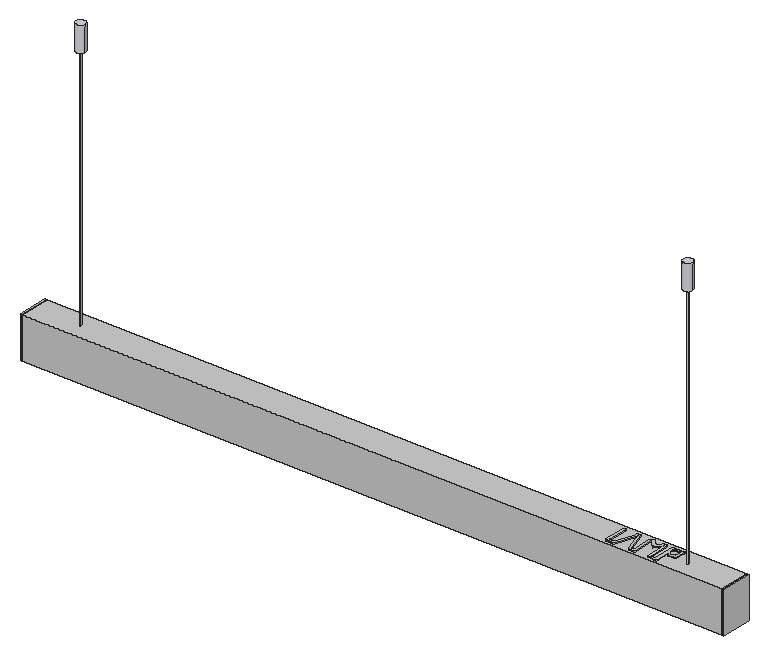
Revit family "LAMP_FIL 50 G2 OPAL SUSPENDED DALI", category Luminarias, Revit 2015
Parameters (values of type "1137MM 3000LM 3000K GREY")
  Ángulo de inclinación = 90.00°
  Weight = 2.114 kg
  Type = "MID POWER TRIDONIC"
  Suspension distance [instance] = if(Suspension > 4000.00 mm, 4000.00 mm, Suspension)  # 400.00 mm
  Protection rating = "IP42, IK07"
  Product datasheet = "https://www.lamp.es/product-files/TECH/F52SF120MOOP830DG-EN.pdf"
  Product code = "F52SF120MOOP830DG"
  Product URL = "https://www.lamp.es/en/family/fil-50_33388"
  Power Supply = "220-240V 50-60Hz"
  Power = 19 W
  Plum = 21.3 W
  NO COVER 2 [instance] = not(END COVER 2)  # no
  NO COVER 1 [instance] = not(END COVER 1)  # no
  Modelo = Product code  # "F52SF120MOOP830DG"
  Model explanation = "Availability of switching between accessories through visibility parameters when placed in a project.\r\nAvailability of switching between accessories through visibility parameters when placed in a project."
  Material codo = LAMP_Aluminio Perfil Fil GR
  Manufacturer name = "LAMP"
  Manufacturer country = "Spain"
  Manufacturer URL = "http://www.lamp.es/en"
  MacAdam = "3"
  Luminaire type = "Indoor - Modular Systems"
  Last update = "07/07/2020"
  LED Lifetime = "50000 L80 B10"
  Insulation class = "I"
  Installation instructions = "https://www.lamp.es/product-files/INS/1003600-G-INSTR.%20ESTRUCTURA%20FIL%2050.pdf"
  IEE = "A++"
  Gear = "Adjustable DALI"
  Finish = "Gloss grey"
  Fabricante = Manufacturer name  # "LAMP"
  Efficacy = 89.2 lm/W
  END COVER 2 [instance] = yes
  END COVER 1 [instance] = yes
  Dimensions = "1137x50x67mm"
  Descripción = "FIL 50 G2 OPAL SUS 3000 WW DALI GR."
  Wattage = 21.3 W
  UniClass 2.0 Descripción = ""
  UniClass 2.0 Code = Product code  # "F52SF120MOOP830DG"
  UniClass 1.4 Descripción = ""
  UniClass 1.4 Code = Product code  # "F52SF120MOOP830DG"
  built-in parameter 1150110 = 1 (stored number, unit not read)
  Omniclass Descripción = ""
  OmniClass Code = ""
  Material Difusor = LAMP_PC Difusor Opal Fil
  Material Perfil = LAMP_Aluminio Perfil Fil GR
  Lámpara = "MID-POWER LED"
  Largo = 1137.00 mm
  IFC Clasificación = "Light Fixture"
  built-in parameter 1114217 = 1 (stored number, unit not read)
  built-in parameter 1150109 = 1 (stored number, unit not read)
  Suspension [instance] = 400.00 mm
  Comentarios de tipo = Model explanation  # "Availability of switching between accessories through visibility parameters when placed in a project.\r\nAvailability of switching between accessories through visibility parameters when placed in a project."
  built-in parameter 1150134 = (empty or 0)
  built-in parameter 1150113 = 1 (stored number, unit not read)
  Lumens = 1899.96 lm
  built-in parameter 1150115 = 1 (stored number, unit not read)
  built-in parameter 1150105 = 721.98 (stored number, unit not read)
  built-in parameter 1150137 = (empty or 0)
  built-in parameter 1150139 = (empty or 0)
  built-in parameter 1150112 = 1 (stored number, unit not read)
  built-in parameter 1150114 = 1 (stored number, unit not read)
  built-in parameter 1150132 = 2
  built-in parameter 1150102 = (empty or 0)
  built-in parameter 1150138 = (empty or 0)
  built-in parameter 1150107 = 3000 (stored number, unit not read)
  built-in parameter 1150106 = 7.2198 (stored number, unit not read)
  Emit from Line Length = Largo  # 1137.00 mm
  built-in parameter 1150104 = 8.287 (stored number, unit not read)
  Dimming Lamp Color Temperature Shift = (empty or 0)
  Color Filter = 16777215
  built-in parameter 1114218 = 1 (stored number, unit not read)
  CRI = "80"
  CORNER 2 RIGHT [instance] = and(NO COVER 2, ACC CORNER 2, not(CORNER 2 LEFT))  # no
  CORNER 2 LEFT [instance] = and(NO COVER 2, ACC CORNER 2, CHANGE SIDE CORNER 2)  # no
  CORNER 1 RIGHT [instance] = and(NO COVER 1, ACC CORNER 1, not(CORNER 1 LEFT))  # no
  CORNER 1 LEFT [instance] = and(NO COVER 1, ACC CORNER 1, CHANGE SIDE CORNER 1)  # no
  CHANGE SIDE CORNER 1 [instance] = no
  CHANGE SIDE CORNER 2 [instance] = no
  Archivo de red fotométrica = "14741403.IES"
  ACC CORNER 1 [instance] = no
  ACC CORNER 2 [instance] = no
  built-in parameter 1150133 = 10 (stored number, unit not read)
Types (16, lengths in mm): name | Weight | Product datasheet | Product code | Power | Plum | Modelo | Model explanation | Material codo | Last update | LED Lifetime | Finish | Efficacy | Dimensions | Descripción | Wattage | UniClass 2.0 Code | UniClass 1.4 Code | Material Perfil | Largo | Comentarios de tipo | built-in parameter 1150134 | Lumens | built-in parameter 1150105 | built-in parameter 1150107 | built-in parameter 1150106 | Emit from Line Length | built-in parameter 1150104 | Archivo de red fotométrica
  1137MM 3000LM 3000K WHITE | 2.114 kg | "https://www.lamp.es/product-files/TECH/F52SF120MOOP830DW-EN.pdf" | "F52SF120MOOP830DW" | 19 W | 21.3 W | "F52SF120MOOP830DW" | "Availability of switching between accessories through visibility parameters when placed in a project." | LAMP_Aluminio Perfil Fil BL | "07/07/2020" | "50000 L80 B10" | "Matt white" | 89.2 lm/W | "1137x50x67mm" | "FIL 50 G2 OPAL SUS 3000 WW DALI WH." | 21.3 W | "F52SF120MOOP830DW" | "F52SF120MOOP830DW" | LAMP_Aluminio Perfil Fil BL | 1137.00 | "Availability of switching between accessories through visibility parameters when placed in a project." | (empty or 0) | 1899.96 lm | 721.98 (stored number, unit not read) | 3000 (stored number, unit not read) | 7.2198 (stored number, unit not read) | 1137.00 | 8.287 (stored number, unit not read) | "14741400.IES"
  1137MM 3000LM 3000K GREY | 2.114 kg | "https://www.lamp.es/product-files/TECH/F52SF120MOOP830DG-EN.pdf" | "F52SF120MOOP830DG" | 19 W | 21.3 W | "F52SF120MOOP830DG" | "Availability of switching between accessories through visibility parameters when placed in a project.\r\nAvailability of switching between accessories through visibility parameters when placed in a project." | LAMP_Aluminio Perfil Fil GR | "07/07/2020" | "50000 L80 B10" | "Gloss grey" | 89.2 lm/W | "1137x50x67mm" | "FIL 50 G2 OPAL SUS 3000 WW DALI GR." | 21.3 W | "F52SF120MOOP830DG" | "F52SF120MOOP830DG" | LAMP_Aluminio Perfil Fil GR | 1137.00 | "Availability of switching between accessories through visibility parameters when placed in a project.\r\nAvailability of switching between accessories through visibility parameters when placed in a project." | (empty or 0) | 1899.96 lm | 721.98 (stored number, unit not read) | 3000 (stored number, unit not read) | 7.2198 (stored number, unit not read) | 1137.00 | 8.287 (stored number, unit not read) | "14741403.IES"
  1137MM 3000LM 4000K WHITE | 2.114 kg | "https://www.lamp.es/product-files/TECH/F52SF120MOOP840DW-EN.pdf" | "F52SF120MOOP840DW" | 19 W | 21.3 W | "F52SF120MOOP840DW" | "Availability of switching between accessories through visibility parameters when placed in a project." | LAMP_Aluminio Perfil Fil BL | "07/07/2020" | "50000 L80 B10" | "Matt white" | 94.1 lm/W | "1137x50x67mm" | "FIL 50 G2 OPAL SUS 3000 NW DALI WH." | 21.3 W | "F52SF120MOOP840DW" | "F52SF120MOOP840DW" | LAMP_Aluminio Perfil Fil BL | 1137.00 | "Availability of switching between accessories through visibility parameters when placed in a project." | 12 | 2004.33 lm | 761.71 (stored number, unit not read) | 4000 (stored number, unit not read) | 7.6171 (stored number, unit not read) | 1137.00 | 8.7422 (stored number, unit not read) | "14740400.IES"
  1137MM 3000LM 4000K GREY | 2.114 kg | "https://www.lamp.es/product-files/TECH/F52SF120MOOP840DG-EN.pdf" | "F52SF120MOOP840DG" | 19 W | 21.3 W | "F52SF120MOOP840DG" | "Availability of switching between accessories through visibility parameters when placed in a project." | LAMP_Aluminio Perfil Fil GR | "07/07/2020" | "50000 L80 B10" | "Gloss grey" | 94.1 lm/W | "1137x50x67mm" | "FIL 50 G2 OPAL SUS 3000 NW DALI GR." | 21.3 W | "F52SF120MOOP840DG" | "F52SF120MOOP840DG" | LAMP_Aluminio Perfil Fil GR | 1137.00 | "Availability of switching between accessories through visibility parameters when placed in a project." | 12 | 2004.33 lm | 761.71 (stored number, unit not read) | 4000 (stored number, unit not read) | 7.6171 (stored number, unit not read) | 1137.00 | 8.7422 (stored number, unit not read) | "14740403.IES"
  1137MM 6000LM 3000K WHITE | 2.114 kg | "https://www.lamp.es/product-files/TECH/F52SF120HOOP830DW-EN.pdf" | "F52SF120HOOP830DW" | 37 W | 40.6 W | "F52SF120HOOP830DW" | "Availability of switching between accessories through visibility parameters when placed in a project." | LAMP_Aluminio Perfil Fil BL | "07/07/2020\r\n07/07/2020" | "50000 L70 B10" | "Matt white" | 87.8 lm/W | "1137x50x67mm" | "FIL 50 G2 OPAL SUS 6000 WW DALI WH." | 40.6 W | "F52SF120HOOP830DW" | "F52SF120HOOP830DW" | LAMP_Aluminio Perfil Fil BL | 1137.00 | "Availability of switching between accessories through visibility parameters when placed in a project." | (empty or 0) | 3564.68 lm | 1373.1 (stored number, unit not read) | 3000 (stored number, unit not read) | 13.731 (stored number, unit not read) | 1137.00 | 8.1569 (stored number, unit not read) | "14741420.IES"
  1137MM 6000LM 3000K GREY | 2.114 kg | "https://www.lamp.es/product-files/TECH/F52SF120HOOP830DG-EN.pdf" | "F52SF120HOOP830DG" | 37 W | 40.6 W | "F52SF120HOOP830DG" | "Availability of switching between accessories through visibility parameters when placed in a project." | LAMP_Aluminio Perfil Fil GR | "07/07/2020" | "50000 L70 B10" | "Gloss grey" | 87.8 lm/W | "1137x50x67mm" | "FIL 50 G2 OPAL SUS 6000 WW DALI GR." | 40.6 W | "F52SF120HOOP830DG" | "F52SF120HOOP830DG" | LAMP_Aluminio Perfil Fil GR | 1137.00 | "Availability of switching between accessories through visibility parameters when placed in a project." | (empty or 0) | 3564.68 lm | 1373.1 (stored number, unit not read) | 3000 (stored number, unit not read) | 13.731 (stored number, unit not read) | 1137.00 | 8.1569 (stored number, unit not read) | "14741423.IES"
  1137MM 6000LM 4000K WHITE | 2.114 kg | "https://www.lamp.es/product-files/TECH/F52SF120HOOP840DW-EN.pdf" | "F52SF120HOOP840DW" | 37 W | 40.6 W | "F52SF120HOOP840DW" | "Availability of switching between accessories through visibility parameters when placed in a project." | LAMP_Aluminio Perfil Fil BL | "07/07/2020" | "50000 L70 B10" | "Gloss grey" | 92.6 lm/W | "1137x50x67mm" | "FIL 50 G2 OPAL SUS 6000 NW DALI GR." | 40.6 W | "F52SF120HOOP840DW" | "F52SF120HOOP840DW" | LAMP_Aluminio Perfil Fil BL | 1137.00 | "Availability of switching between accessories through visibility parameters when placed in a project." | 12 | 3759.56 lm | 1448.1 (stored number, unit not read) | 4000 (stored number, unit not read) | 14.481 (stored number, unit not read) | 1137.00 | 8.6028 (stored number, unit not read) | "14740423.IES"
  1137MM 6000LM 4000K GREY | 2.114 kg | "https://www.lamp.es/product-files/TECH/F52SF120HOOP840DG-EN.pdf" | "F52SF120HOOP840DG" | 37 W | 40.6 W | "F52SF120HOOP840DG" | "Availability of switching between accessories through visibility parameters when placed in a project." | LAMP_Aluminio Perfil Fil GR | "07/07/2020" | "50000 L70 B10" | "Matt white" | 92.6 lm/W | "1137x50x67mm" | "FIL 50 G2 OPAL SUS 6000 NW DALI WH." | 40.6 W | "F52SF120HOOP840DG" | "F52SF120HOOP840DG" | LAMP_Aluminio Perfil Fil GR | 1137.00 | "Availability of switching between accessories through visibility parameters when placed in a project." | 12 | 3759.56 lm | 1448.1 (stored number, unit not read) | 4000 (stored number, unit not read) | 14.481 (stored number, unit not read) | 1137.00 | 8.6028 (stored number, unit not read) | "14740420.IES"
  1700MM 4600LM 3000K WHITE | 2.768 kg | "https://www.lamp.es/product-files/TECH/F52SF170MOOP830DW-EN.pdf" | "F52SF170MOOP830DW" | 28 W | 32.2 W | "F52SF170MOOP830DW" | "Availability of switching between accessories through visibility parameters when placed in a project." | LAMP_Aluminio Perfil Fil BL | "07/07/2020" | "50000 L80 B10" | "Matt white" | 88.5 lm/W | "1700x50x67mm" | "FIL 50 G2 OPAL SUS 4600 WW DALI WH." | 32.2 W | "F52SF170MOOP830DW" | "F52SF170MOOP830DW" | LAMP_Aluminio Perfil Fil BL | 1700.00 | "Availability of switching between accessories through visibility parameters when placed in a project." | (empty or 0) | 2849.7 lm | 1082.9 (stored number, unit not read) | 3000 (stored number, unit not read) | 10.829 (stored number, unit not read) | 1700.00 | 8.2219 (stored number, unit not read) | "14741410.IES"
  1700MM 4600LM 3000K GREY | 2.768 kg | "https://www.lamp.es/product-files/TECH/F52SF170MOOP830DG-EN.pdf" | "F52SF170MOOP830DG" | 28 W | 32.2 W | "F52SF170MOOP830DG" | "Availability of switching between accessories through visibility parameters when placed in a project." | LAMP_Aluminio Perfil Fil GR | "07/07/2020" | "50000 L80 B10" | "Gloss grey" | 88.5 lm/W | "1700x50x67mm" | "FIL 50 G2 OPAL SUS 4600 WW DALI GR." | 32.2 W | "F52SF170MOOP830DG" | "F52SF170MOOP830DG" | LAMP_Aluminio Perfil Fil GR | 1700.00 | "Availability of switching between accessories through visibility parameters when placed in a project." | (empty or 0) | 2849.7 lm | 1082.9 (stored number, unit not read) | 3000 (stored number, unit not read) | 10.829 (stored number, unit not read) | 1700.00 | 8.2219 (stored number, unit not read) | "14741413.IES"
  1700MM 4600LM 4000K WHITE | 2.768 kg | "https://www.lamp.es/product-files/TECH/F52SF170MOOP840DW-EN.pdf" | "F52SF170MOOP840DW" | 28 W | 32.2 W | "F52SF170MOOP840DW" | "Availability of switching between accessories through visibility parameters when placed in a project." | LAMP_Aluminio Perfil Fil BL | "07/07/2020" | "50000 L80 B10" | "Matt white" | 93.4 lm/W | "1700x50x67mm" | "FIL 50 G2 OPAL SUS 4600 NW DALI WH." | 32.2 W | "F52SF170MOOP840DW" | "F52SF170MOOP840DW" | LAMP_Aluminio Perfil Fil BL | 1700.00 | "Availability of switching between accessories through visibility parameters when placed in a project." | 12 | 3007.48 lm | 1142.9 (stored number, unit not read) | 4000 (stored number, unit not read) | 11.429 (stored number, unit not read) | 1700.00 | 8.6771 (stored number, unit not read) | "14740410.IES"
  1700MM 4600LM 4000K GREY | 2.768 kg | "https://www.lamp.es/product-files/TECH/F52SF170MOOP840DG-EN.pdf" | "F52SF170MOOP840DG" | 28 W | 32.2 W | "F52SF170MOOP840DG" | "Availability of switching between accessories through visibility parameters when placed in a project." | LAMP_Aluminio Perfil Fil GR | "07/07/2020" | "50000 L80 B10" | "Gloss grey" | 93.4 lm/W | "1700x50x67mm" | "FIL 50 G2 OPAL SUS 4600 NW DALI GR." | 32.2 W | "F52SF170MOOP840DG" | "F52SF170MOOP840DG" | LAMP_Aluminio Perfil Fil GR | 1700.00 | "Availability of switching between accessories through visibility parameters when placed in a project." | 12 | 3007.48 lm | 1142.9 (stored number, unit not read) | 4000 (stored number, unit not read) | 11.429 (stored number, unit not read) | 1700.00 | 8.6771 (stored number, unit not read) | "14740413.IES"
  1700MM 9200LM 3000K WHITE | 2.768 kg | "https://www.lamp.es/product-files/TECH/F52SF170HOOP830DW-EN.pdf" | "F52SF170HOOP830DW" | 55 W | 60.4 W | "F52SF170HOOP830DW" | "Availability of switching between accessories through visibility parameters when placed in a project." | LAMP_Aluminio Perfil Fil BL | "07/07/2020" | "50000 L70 B10" | "Matt white" | 88.6 lm/W | "1700x50x67mm" | "FIL 50 G2 OPAL SUS 9200 WW DALI WH." | 60.4 W | "F52SF170HOOP830DW" | "F52SF170HOOP830DW" | LAMP_Aluminio Perfil Fil BL | 1700.00 | "Availability of switching between accessories through visibility parameters when placed in a project." | (empty or 0) | 5351.44 lm | 2061.3 (stored number, unit not read) | 3000 (stored number, unit not read) | 20.613 (stored number, unit not read) | 1700.00 | 8.2312 (stored number, unit not read) | "14741430.IES"
  1700MM 9200LM 3000K GREY | 2.768 kg | "https://www.lamp.es/product-files/TECH/F52SF170HOOP830DG-EN.pdf" | "F52SF170HOOP830DG" | 55 W | 60.4 W | "F52SF170HOOP830DG" | "Availability of switching between accessories through visibility parameters when placed in a project." | LAMP_Aluminio Perfil Fil GR | "07/07/2020" | "50000 L70 B10" | "Gloss grey" | 88.6 lm/W | "1700x50x67mm" | "FIL 50 G2 OPAL SUS 9200 WW DALI GR." | 60.4 W | "F52SF170HOOP830DG" | "F52SF170HOOP830DG" | LAMP_Aluminio Perfil Fil GR | 1700.00 | "Availability of switching between accessories through visibility parameters when placed in a project." | (empty or 0) | 5351.44 lm | 2061.3 (stored number, unit not read) | 3000 (stored number, unit not read) | 20.613 (stored number, unit not read) | 1700.00 | 8.2312 (stored number, unit not read) | "14741433.IES"
  1700MM 9200LM 4000K WHITE | 2.768 kg | "https://www.lamp.es/product-files/TECH/F52SF170HOOP840DW-EN.pdf" | "F52SF170HOOP840DW" | 55 W | 60.4 W | "F52SF170HOOP840DW" | "Availability of switching between accessories through visibility parameters when placed in a project." | LAMP_Aluminio Perfil Fil BL | "07/07/2020" | "50000 L70 B10" | "Matt white" | 93.4 lm/W | "1700x50x67mm" | "FIL 50 G2 OPAL SUS 9200 NW DALI WH." | 60.4 W | "F52SF170HOOP840DW" | "F52SF170HOOP840DW" | LAMP_Aluminio Perfil Fil BL | 1700.00 | "Availability of switching between accessories through visibility parameters when placed in a project." | 12 | 5641.36 lm | 2173 (stored number, unit not read) | 4000 (stored number, unit not read) | 21.73 (stored number, unit not read) | 1700.00 | 8.6771 (stored number, unit not read) | "14740430.IES"
  1700MM 9200LM 4000K GREY | 2.768 kg | "https://www.lamp.es/product-files/TECH/F52SF170HOOP840DG-EN.pdf" | "F52SF170HOOP840DG" | 55 W | 60.4 W | "F52SF170HOOP840DG" | "Availability of switching between accessories through visibility parameters when placed in a project." | LAMP_Aluminio Perfil Fil GR | "07/07/2020" | "50000 L70 B10" | "Gloss grey" | 93.4 lm/W | "1700x50x67mm" | "FIL 50 G2 OPAL SUS 9200 NW DALI GR." | 60.4 W | "F52SF170HOOP840DG" | "F52SF170HOOP840DG" | LAMP_Aluminio Perfil Fil GR | 1700.00 | "Availability of switching between accessories through visibility parameters when placed in a project." | 12 | 5641.36 lm | 2173 (stored number, unit not read) | 4000 (stored number, unit not read) | 21.73 (stored number, unit not read) | 1700.00 | 8.6771 (stored number, unit not read) | "14740433.IES"
Reference planes
  plane 1 "Eje de origen de luz (F/P)": y = 0
  plane 2 "Techo": z = 2438.4
  plane 3 "Eje de origen de luz (I/D)": x = 0
  plane 4 "Elevación de origen de luz": z = 1931.4
  plane 5 "derecha": x = 1137
  plane 6: z = 2398.4
  plane 7 "Centro origen de luz": x = 568.5
  plane 8: z = 1998.4
Forms (mm)
  Extrusion 1, solid, material "LAMP_Aluminio Perfil Fil GR" <- "Material Perfil"
    sketch origin (0, 0, -99.116) x (0, 1, 0) y (0, 0, 1)
      loop
        line (-25.003, 2097.516) -> (-25.003, 2030.516) -> (24.997, 2030.516) -> (24.997, 2097.516) -> (-25.003, 2097.516)
    from 0 to 1137
  Extrusion 2, void
    sketch origin (0, 0, -99.116) x (0, 1, 0) y (0, 0, 1)
      loop
        line (-25.003, 2030.516) -> (25.003, 2030.516) -> (23.245, 2036.54) -> (-23.244, 2036.54) -> (-25.003, 2030.516)
    from -565 to 1137
  Extrusion 3, solid, material "LAMP_PC Difusor Opal Fil" <- "Material Difusor"
    sketch origin (0, 0, -99.116) x (0, 1, 0) y (0, 0, 1)
      loop
        line (-22.902, 2032.507) -> (-24.052, 2030.516) -> (24.045, 2030.516) -> (22.896, 2032.507) -> (-22.902, 2032.507)
    from 0 to 1137
  Extrusion 4, solid
    sketch origin (0, 0, 0) x (1, 0, 0) y (0, 1, 0)
      loop
        circle (1062, 0) r 7.5
    from 2398.4 to 2438.4
  Extrusion 5, solid
    sketch origin (510, 0, 0) x (1, 0, 0) y (0, 1, 0)
      loop
        circle (552, 0) r 1
    from 1998.4 to 2398.4
  Extrusion 6, solid
    sketch origin (1130, 0, 0) x (-1, 0, 0) y (0, -1, 0)
      loop
        circle (1055, 0) r 7.5
    from 2398.4 to 2438.4
  Extrusion 7, solid
    sketch origin (620, 0, 0) x (-1, 0, 0) y (0, -1, 0)
      loop
        circle (545, 0) r 1
    from 1998.4 to 2398.4
  Extrusion 8, solid, material "LAMP_Aluminio Perfil Fil GR" <- "Material Perfil", visible <- "END COVER 1"
    sketch origin (1137, 0, 0) x (0, 1, 0) y (0, 0, 1)
      loop
        line (-25.003, 1998.4) -> (-25.003, 1931.402) -> (25.003, 1931.402) -> (25.003, 1998.4) -> (-25.003, 1998.4)
    from 0 to 3
  Extrusion 9, solid, material "LAMP_Aluminio Perfil Fil GR" <- "Material Perfil", visible <- "END COVER 2"
    sketch origin (-3, 0, 0) x (0, 1, 0) y (0, 0, 1)
      loop
        line (-25.003, 1998.4) -> (-25.003, 1931.402) -> (25.003, 1931.402) -> (25.003, 1998.4) -> (-25.003, 1998.4)
    from 0 to 3
  Extrusion 10, solid, material "LAMP_Aluminio Perfil Fil GR" <- "Material Perfil"
    sketch origin (0, 0, 1931.4) x (0, -1, 0) y (1, 0, 0)
      loop
        arc (17.745, 943.114) -> (19.023, 943.644) -> (19.553, 944.922) r 1.808
        line (19.553, 944.922) -> (19.553, 955.936)
        arc (19.553, 955.936) -> (19.203, 957.027) -> (18.285, 957.713) r 1.88
        line (18.285, 957.713) -> (-13.727, 968.728) -> (18.109, 979.682)
        arc (18.109, 979.682) -> (18.972, 980.325) -> (19.3, 981.35) r 1.764
        line (19.3, 981.35) -> (19.3, 989.283)
        arc (19.3, 989.283) -> (18.782, 990.533) -> (17.532, 991.05) r 1.768
        line (17.532, 991.05) -> (-13.928, 991.05) -> (-3.969, 1001.01) -> (-13.928, 1010.97) -> (17.836, 1010.97)
        arc (17.836, 1010.97) -> (19.05, 1011.472) -> (19.553, 1012.686) r 1.717
        line (19.553, 1012.686) -> (19.553, 1025.003)
        arc (19.553, 1025.003) -> (19.009, 1026.317) -> (17.695, 1026.861) r 1.858
        line (17.695, 1026.861) -> (-12.387, 1026.861)
        arc (-12.387, 1026.861) -> (-13.657, 1027.387) -> (-14.183, 1028.657) r 1.796
        line (-14.183, 1028.657) -> (-14.183, 1037.011)
        arc (-14.183, 1037.011) -> (-13.642, 1038.319) -> (-12.334, 1038.861) r 1.849
        line (-12.334, 1038.861) -> (-6.021, 1038.861)
        arc (-6.021, 1038.861) -> (-4.721, 1038.323) -> (-4.183, 1037.023) r 1.838
        line (-4.183, 1037.023) -> (-4.183, 1029.33)
        arc (-4.183, 1029.33) -> (-2.183, 1027.33) -> (-0.183, 1029.33) r 2
        line (-0.183, 1029.33) -> (-0.183, 1041.068)
        arc (-0.183, 1041.068) -> (-0.708, 1042.336) -> (-1.976, 1042.861) r 1.793
        line (-1.976, 1042.861) -> (-16.301, 1042.861)
        arc (-16.301, 1042.861) -> (-17.632, 1042.31) -> (-18.183, 1040.979) r 1.882
        line (-18.183, 1040.979) -> (-18.183, 1024.719)
        arc (-18.183, 1024.719) -> (-17.639, 1023.405) -> (-16.325, 1022.861) r 1.858
        line (-16.325, 1022.861) -> (13.746, 1022.861)
        arc (13.746, 1022.861) -> (15.06, 1022.316) -> (15.604, 1021.002) r 1.859
        line (15.604, 1021.002) -> (15.604, 1016.888)
        arc (15.604, 1016.888) -> (15.063, 1015.581) -> (13.756, 1015.039) r 1.849
        line (13.756, 1015.039) -> (-14.501, 1015.039)
        arc (-14.501, 1015.039) -> (-18.533, 1012.138) -> (-17.064, 1007.392) r 4.253
        line (-17.064, 1007.392) -> (-10.682, 1001.01) -> (-17.064, 994.628)
        arc (-17.064, 994.628) -> (-18.533, 989.882) -> (-14.501, 986.981) r 4.253
        line (-14.501, 986.981) -> (13.304, 986.981)
        arc (13.304, 986.981) -> (15.567, 985.064) -> (14.05, 982.516) r 2.295
        line (14.05, 982.516) -> (-15.627, 972.309)
        arc (-15.627, 972.309) -> (-18.183, 968.728) -> (-15.627, 965.146) r 3.788
        line (-15.627, 965.146) -> (14.346, 954.838)
        arc (14.346, 954.838) -> (15.258, 954.158) -> (15.604, 953.075) r 1.864
        line (15.604, 953.075) -> (15.604, 948.891)
        arc (15.604, 948.891) -> (15.084, 947.635) -> (13.827, 947.114) r 1.777
        line (13.827, 947.114) -> (-16.396, 947.114)
        arc (-16.396, 947.114) -> (-18.396, 945.114) -> (-16.396, 943.114) r 2
        line (-16.396, 943.114) -> (17.745, 943.114)
    from 68 to 67
Cuts and joins
  Extrusion 2 cuts Extrusion 1
Text (mm)
  text "Any modification of the parameters and properties of the LAMP BIM models must be executed and validated by the LAMP technical department.\n\nPhone: +34 93 736 68 00\n\nE-mail: lamp@lamp.es\n\n\n\nLAMP reserves the right to modify the technical specifications of its products." at (1603.644, -445.991, 1196.48), in view "Preview"
Dimensions and locks
  equal spacing: host sketch curve, plane 3 "Eje de origen de luz (I/D)", host sketch curve
  equal spacing: host sketch curve, plane 1 "Eje de origen de luz (F/P)", host sketch curve
  host sketch curve to host sketch curve = 3048.00 mm  (x2)
  "Largo": plane 3 "Eje de origen de luz (I/D)" to plane 5 "derecha"
  locked: cut or joined group of Extrusion 1, Extrusion 2 to cut or joined group of Extrusion 1, Extrusion 2 at 67
  locked: Extrusion 3 sketch curve to imposter light at 1.991
  locked: cut or joined group of Extrusion 1, Extrusion 2 to Extrusion 2 sketch curve at 6.024
  locked: plane 2 "Techo" to plane 6 at 40
  equal spacing: plane 3 "Eje de origen de luz (I/D)", plane 7 "Centro origen de luz", plane 5 "derecha"
  "Suspension distance": plane 6 to plane 8
  locked: plane 8 to plane 4 "Elevación de origen de luz" at 67
  aligned and locked: plane 1 "Eje de origen de luz (F/P)" to imposter light
  aligned and locked: plane 4 "Elevación de origen de luz" to imposter light
  aligned and locked: plane 5 "derecha" to Extrusion 1
  aligned and locked: plane 4 "Elevación de origen de luz" to cut or joined group of Extrusion 1, Extrusion 2
  aligned and locked: plane 4 "Elevación de origen de luz" to Extrusion 3
  aligned and locked: plane 4 "Elevación de origen de luz" to Extrusion 2
  aligned and locked: plane 2 "Techo" to Extrusion 4
  aligned and locked: Extrusion 4 to plane 6
  aligned and locked: Extrusion 5 to cut or joined group of Extrusion 1, Extrusion 2
  aligned and locked: plane 6 to Extrusion 5
  aligned and locked: plane 5 "derecha" to Extrusion 3
  aligned and locked: plane 5 "derecha" to Extrusion 2
  aligned and locked: Extrusion 3 to plane 3 "Eje de origen de luz (I/D)"
  aligned and locked: cut or joined group of Extrusion 1, Extrusion 2 to plane 3 "Eje de origen de luz (I/D)"
  aligned and locked: plane 2 "Techo" to Extrusion 6
  aligned and locked: Extrusion 6 to plane 6
  aligned and locked: plane 6 to Extrusion 7
  aligned and locked: Extrusion 7 to cut or joined group of Extrusion 1, Extrusion 2
  aligned and locked: plane 8 to cut or joined group of Extrusion 1, Extrusion 2
  aligned and locked: plane 8 to Extrusion 9
  aligned and locked: plane 8 to Extrusion 8
  aligned and locked: plane 5 "derecha" to nested 1
  aligned and locked: plane 8 to nested 1
  aligned and locked: plane 8 to nested 2
  aligned and locked: nested 3 to plane 8
  aligned and locked: nested 4 to plane 8
  aligned and locked: nested 2 to plane 5 "derecha"
  aligned and locked: imposter light to plane 7 "Centro origen de luz"
  aligned and locked: Extrusion 10 to cut or joined group of Extrusion 1, Extrusion 2
Automatic sketch dimensions
  plane 4 "Elevación de origen de luz" to Extrusion 1 sketch curve = 0.00 mm
  Extrusion 1 sketch curve to plane 8 = 0.00 mm
  plane 1 "Eje de origen de luz (F/P)" to Extrusion 1 sketch curve = 25.003 mm
  Extrusion 1 sketch curve to plane 1 "Eje de origen de luz (F/P)" = 24.997 mm
  plane 4 "Elevación de origen de luz" to Extrusion 2 sketch curve = 0.00 mm
  plane 1 "Eje de origen de luz (F/P)" to Extrusion 2 sketch curve = 25.003 mm
  Extrusion 2 sketch curve to Extrusion 2 sketch curve = 1.759 mm  (x2)
  Extrusion 2 sketch curve to plane 1 "Eje de origen de luz (F/P)" = 23.245 mm
  plane 4 "Elevación de origen de luz" to Extrusion 3 sketch curve = 0.00 mm
  plane 1 "Eje de origen de luz (F/P)" to Extrusion 3 sketch curve = 24.052 mm
  Extrusion 3 sketch curve to Extrusion 3 sketch curve = 1.149 mm  (x2)
  Extrusion 3 sketch curve to plane 1 "Eje de origen de luz (F/P)" = 22.896 mm
  plane 1 "Eje de origen de luz (F/P)" to Extrusion 4 sketch curve = 0.00 mm
  Extrusion 4 sketch curve to plane 5 "derecha" = 75.00 mm
  plane 1 "Eje de origen de luz (F/P)" to Extrusion 5 sketch curve = 0.00 mm
  Extrusion 5 sketch curve to plane 5 "derecha" = 75.00 mm
  plane 1 "Eje de origen de luz (F/P)" to Extrusion 6 sketch curve = 0.00 mm
  Extrusion 6 sketch curve to plane 3 "Eje de origen de luz (I/D)" = 75.00 mm
  plane 1 "Eje de origen de luz (F/P)" to Extrusion 7 sketch curve = 0.00 mm
  Extrusion 7 sketch curve to plane 3 "Eje de origen de luz (I/D)" = 75.00 mm
  Extrusion 8 sketch curve to plane 8 = 0.00 mm
  Extrusion 8 sketch curve to plane 4 "Elevación de origen de luz" = 0.002 mm
  plane 1 "Eje de origen de luz (F/P)" to Extrusion 8 sketch curve = 25.003 mm
  Extrusion 8 sketch curve to plane 1 "Eje de origen de luz (F/P)" = 25.003 mm
  Extrusion 9 sketch curve to plane 8 = 0.00 mm
  Extrusion 9 sketch curve to plane 4 "Elevación de origen de luz" = 0.002 mm
  plane 1 "Eje de origen de luz (F/P)" to Extrusion 9 sketch curve = 25.003 mm
  Extrusion 9 sketch curve to plane 1 "Eje de origen de luz (F/P)" = 25.003 mm
  Extrusion 10 sketch curve to plane 1 "Eje de origen de luz (F/P)" = 18.183 mm
  Extrusion 10 sketch curve to plane 1 "Eje de origen de luz (F/P)" = 17.064 mm
  Extrusion 10 sketch curve to Extrusion 10 sketch curve = 0.00 mm  (x4)
  Extrusion 10 sketch curve to plane 1 "Eje de origen de luz (F/P)" = 16.396 mm
  Extrusion 10 sketch curve to Extrusion 10 sketch curve = 1.858 mm  (x2)
  Extrusion 10 sketch curve to Extrusion 10 sketch curve = 1.882 mm
  Extrusion 10 sketch curve to plane 1 "Eje de origen de luz (F/P)" = 15.627 mm
  Extrusion 10 sketch curve to Extrusion 10 sketch curve = 1.824 mm
  Extrusion 10 sketch curve to Extrusion 10 sketch curve = 2.563 mm
  Extrusion 10 sketch curve to Extrusion 10 sketch curve = 1.232 mm
  Extrusion 10 sketch curve to Extrusion 10 sketch curve = 2.118 mm  (x2)
  Extrusion 10 sketch curve to Extrusion 10 sketch curve = 0.572 mm  (x2)
  Extrusion 10 sketch curve to Extrusion 10 sketch curve = 0.669 mm
  Extrusion 10 sketch curve to Extrusion 10 sketch curve = 1.796 mm
  Extrusion 10 sketch curve to Extrusion 10 sketch curve = 1.849 mm  (x2)
  Extrusion 10 sketch curve to Extrusion 10 sketch curve = 6.382 mm  (x2)
  Extrusion 10 sketch curve to plane 1 "Eje de origen de luz (F/P)" = 6.021 mm
  Extrusion 10 sketch curve to plane 1 "Eje de origen de luz (F/P)" = 4.183 mm
  Extrusion 10 sketch curve to plane 1 "Eje de origen de luz (F/P)" = 3.969 mm
  Extrusion 10 sketch curve to Extrusion 10 sketch curve = 2.00 mm  (x2)
  Extrusion 10 sketch curve to Extrusion 10 sketch curve = 1.793 mm
  plane 1 "Eje de origen de luz (F/P)" to Extrusion 10 sketch curve = 13.304 mm
  plane 1 "Eje de origen de luz (F/P)" to Extrusion 10 sketch curve = 13.74 mm
  plane 1 "Eje de origen de luz (F/P)" to Extrusion 10 sketch curve = 13.746 mm
  Extrusion 10 sketch curve to Extrusion 10 sketch curve = 0.01 mm
  Extrusion 10 sketch curve to Extrusion 10 sketch curve = 0.087 mm
  Extrusion 10 sketch curve to Extrusion 10 sketch curve = 0.746 mm
  Extrusion 10 sketch curve to Extrusion 10 sketch curve = 0.606 mm
  Extrusion 10 sketch curve to Extrusion 10 sketch curve = 1.777 mm
  Extrusion 10 sketch curve to Extrusion 10 sketch curve = 4.228 mm
  Extrusion 10 sketch curve to Extrusion 10 sketch curve = 3.485 mm
  Extrusion 10 sketch curve to Extrusion 10 sketch curve = 3.327 mm
  Extrusion 10 sketch curve to Extrusion 10 sketch curve = 3.949 mm
  Extrusion 10 sketch curve to Extrusion 10 sketch curve = 3.917 mm
  Extrusion 10 sketch curve to Extrusion 10 sketch curve = 4.08 mm
  Extrusion 10 sketch curve to Extrusion 10 sketch curve = 0.574 mm
  Extrusion 10 sketch curve to Extrusion 10 sketch curve = 0.612 mm
  Extrusion 10 sketch curve to Extrusion 10 sketch curve = 1.764 mm
  Extrusion 10 sketch curve to Extrusion 10 sketch curve = 1.88 mm
  Extrusion 10 sketch curve to plane 5 "derecha" = 193.886 mm
  Extrusion 10 sketch curve to Extrusion 10 sketch curve = 4.184 mm
  Extrusion 10 sketch curve to Extrusion 10 sketch curve = 2.861 mm
  Extrusion 10 sketch curve to Extrusion 10 sketch curve = 18.032 mm
  Extrusion 10 sketch curve to Extrusion 10 sketch curve = 3.582 mm
  Extrusion 10 sketch curve to Extrusion 10 sketch curve = 21.969 mm
  Extrusion 10 sketch curve to Extrusion 10 sketch curve = 1.166 mm
  Extrusion 10 sketch curve to Extrusion 10 sketch curve = 2.17 mm
  Extrusion 10 sketch curve to Extrusion 10 sketch curve = 2.302 mm
  Extrusion 10 sketch curve to Extrusion 10 sketch curve = 0.184 mm  (x2)
  Extrusion 10 sketch curve to Extrusion 10 sketch curve = 4.114 mm
  Extrusion 10 sketch curve to Extrusion 10 sketch curve = 2.142 mm
  Extrusion 10 sketch curve to Extrusion 10 sketch curve = 0.673 mm
  Extrusion 10 sketch curve to Extrusion 10 sketch curve = 8.355 mm
  radius of Extrusion 4 sketch curve = 7.50 mm
  radius of Extrusion 5 sketch curve = 1.00 mm
  radius of Extrusion 6 sketch curve = 7.50 mm
  radius of Extrusion 7 sketch curve = 1.00 mm
Nested families
  nested 1: "LAMP_FIL ACC 90º WALL CORNER SUSPENDED" at (1137, -55.003, 1931.4), Material codo <- "Material codo", visible <- "CORNER 1 RIGHT", type "GREY"
    with Material codo LAMP_Aluminio Perfil Fil GR
  nested 2: "LAMP_FIL ACC 90º WALL CORNER SUSPENDED" at (1137, 55.003, 1931.4) x (0, -1, 0) z (0, 0, 1), Material codo <- "Material codo", visible <- "CORNER 1 LEFT", type "GREY"
    with Material codo LAMP_Aluminio Perfil Fil GR
  nested 3: "LAMP_FIL ACC 90º WALL CORNER SUSPENDED" at (0, -55.003, 1931.4) x (-1, 0, 0) z (0, 0, 1), Material codo <- "Material codo", visible <- "CORNER 2 RIGHT", type "GREY"
    with Material codo LAMP_Aluminio Perfil Fil GR
  nested 4: "LAMP_FIL ACC 90º WALL CORNER SUSPENDED" at (0, 55.003, 1931.4) x (0, -1, 0) z (0, 0, 1), Material codo <- "Material codo", visible <- "CORNER 2 LEFT", type "GREY"
    with Material codo LAMP_Aluminio Perfil Fil GR
Connectors
  electrical at (11.075, -0.091, 1998.4)
    settings: on Extrusion 1, index 2, voltage 240 V, apparent load 0 VA, apparent load phase1 0 VA, apparent load phase2 0 VA, apparent load phase3 0 VA, power factor 1, load classification "Iluminación", number of poles 1, system type 31, power factor state 1, is connector primary yes, connector utility no, sub classification motor no, connector description ""
Definition of nested family "LAMP_FIL ACC 90º WALL CORNER SUSPENDED"
  Parameters (values of type "GREY")
    Material codo [instance] = none
  Types (3): name
    (no name)
    WHITE
    GREY
  Reference planes
    plane 1 "Centro (Frontal/Posterior)": y = 0
    plane 2: z = 0
    plane 3 "Centro (Izquierda/Derecha)": x = 0
  Forms (mm)
    Sweep 1, solid, material <- "Material codo"
      path origin (0, 0, 0) x (1, 0, 0) y (0, 1, 0)
        loop
          line (0, 80) -> (80, 80) -> (80, 0)
      profile origin (40, 80, 0) x (0, 1, 0) y (0, 0, 1)
        loop
          line (0, 0) -> (0, 67) -> (-50, 67) -> (-50, 0) -> (0, 0)
  Dimensions and locks
    aligned and locked: level to plane 2
